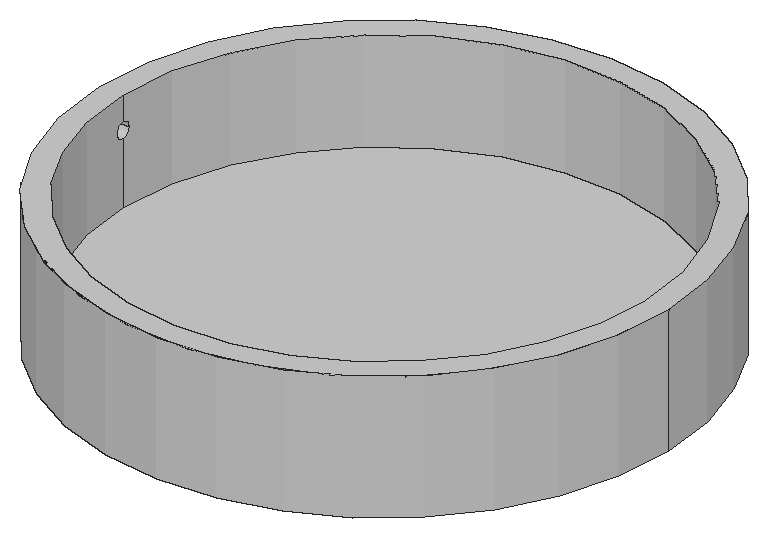
Revit family "KOD 20.5", category Фундамент несущей конструкции, Revit 2025
Family settings
  Материал для поведения модели = Прочее
  Заглушка = Нет
  Номер OmniClass = 23.25.05.00
  Заголовок OmniClass = Foundations
  На основе рабочей плоскости = Нет
  Всегда вертикально = Да
  При загрузке вырезать с полостями = Нет
  Общий = Нет
  Показывать семейство разрезанным на планах = Да
Parameters
  Петля = Петля_П1_П2 : П2
Reference planes
  plane 1 "По центру (Вперед/Назад)": y = -35
  plane 2: z = 0
  plane 3 "По центру (Влево/Вправо)": x = 0
  plane 4: z = 490
  plane 5: x = -1100
  plane 6: x = 1100
  plane 7: x = -1090
  plane 8: x = -1010
  plane 9: x = 1090
  plane 10: x = 1010
  plane 11: z = 370
Forms (mm)
  Extrusion 1, solid, material "Бетон В15"
    sketch origin (0, 0, 0) x (1, 0, 0) y (0, 1, 0)
      loop
        circle (0, -35) r 1100
      loop
        circle (0, -35) r 1010
    from 0 to 490
  Extrusion 2, void
    sketch origin (0, 0, 0) x (0, 1, 0) y (0, 0, 1)
      loop
        circle (-35, 370) r 30
    from -1090 to 1090
  Extrusion 3, solid, material "Бетон В15"
    sketch origin (0, 0, 0) x (1, 0, 0) y (0, 1, 0)
      loop
        circle (0, -35) r 1010
    from 0 to 100
Cuts and joins
  Extrusion 2 cuts Extrusion 1
  joined: Extrusion 1, Extrusion 3
Dimensions and locks
  plane 4 to level = 490 mm
  plane 11 to level = 370 mm
  aligned and locked: plane 2 to level
